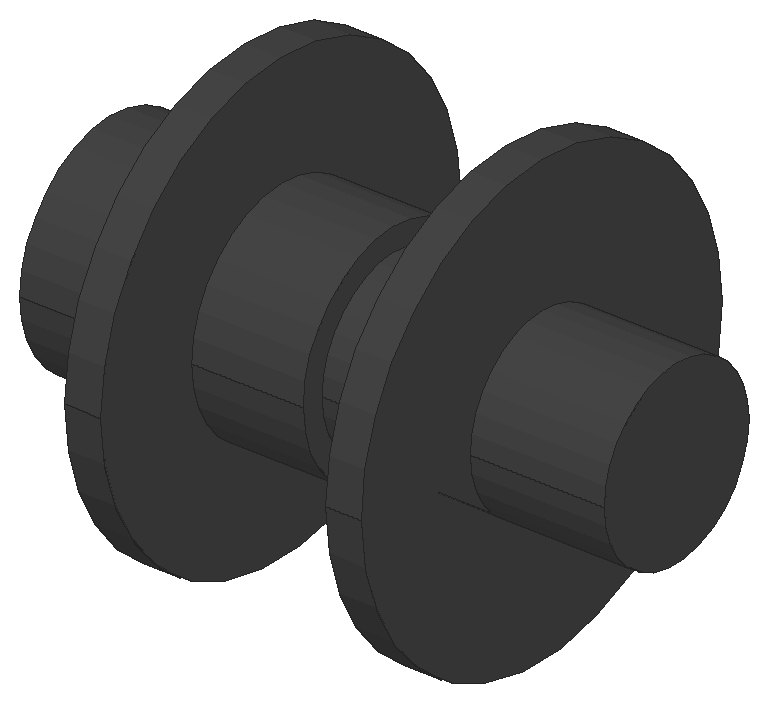
Revit family "BIMLIB_Муфта_переходная_PEX_РОСТерм", category Соединительные детали трубопроводов, Revit 2017
Family settings
  Размер круглого соединителя = Использовать диаметр
  Тип детали = Тройник
  На основе рабочей плоскости = Нет
  Всегда вертикально = Да
  При загрузке вырезать с полостями = Нет
  Общий = Нет
Parameters (values of type "BIMLIB_Муфта_переходная_РОСТерм")
  РТ_Z [instance] = size_lookup("Наименование", "РТ_Z", 100 mm, РТ_DN1, РТ_DN2)  # 25 mm
  П [instance] = РТ_D1 > РТ_D2  # yes
  Описание = "Тройник переходной."
  Л [instance] = not(П)  # no
  Изготовитель = "РОСТерм"  # constant formula
  URL = "http://rostherm.ru/"
  РТ_L [instance] = size_lookup("Наименование", "РТ_L", 200 mm, РТ_DN1, РТ_DN2)  # 63 mm
  РТ_D_основа [instance] = if(РТ_DN1_н > РТ_DN2_н, РТ_DN1_н, РТ_DN2_н)  # 25 mm
  РТ_DN2 [instance] = if(РТ_D1 < РТ_D2, РТ_D1, РТ_D2)  # 20 mm
  РТ_DN1 [instance] = if(РТ_D1 > РТ_D2, РТ_D1, РТ_D2)  # 25 mm
  РТ_DN2_н [instance] = if(РТ_D1 < РТ_D2, РТ_D1_н, РТ_D2_н)  # 20 mm
  РТ_D2 [instance] = 20 mm
  РТ_DN1_н [instance] = if(РТ_D1 > РТ_D2, РТ_D1_н, РТ_D2_н)  # 25 mm
  РТ_D1_н [instance] = РТ_DN1  # 25 mm
  РТ_D1 [instance] = 25 mm
  РТ_D2_н [instance] = РТ_DN2  # 20 mm
  BL_Разработано = "support@bimlib.ru"
  BL_Email = "rostherm@bimlib.ru"
  BL_BIM library = "https://bimlib.pro/manufacturer/rosterm/1632/"
  ADSK_Расход жидкости [instance] = 0.0 L/s
  ADSK_Примечание = ""
  ADSK_Позиция = ""
  ADSK_Обозначение [instance] = "ГОСТ 32415-2013"  # constant formula
  ADSK_Наименование краткое [instance] = size_lookup("Наименование", "", "-", РТ_DN1, РТ_DN2)  # "Муфта переходная 20х25 PPSU"
  ADSK_Наименование [instance] = size_lookup("Наименование", "", "-", РТ_DN1, РТ_DN2)  # "Муфта переходная 20х25 PPSU"
  ADSK_Материал = BIMLIB_Черный_РT
  ADSK_Масса_Текст = ""
  ADSK_Масса [instance] = 0
  ADSK_Марка = ""
  ADSK_Код изделия [instance] = size_lookup("артикул", "", "-", РТ_DN1, РТ_DN2)  # "Fcl2025"
  ADSK_Завод-изготовитель = "РОСТерм"  # constant formula
  ADSK_Единица измерения = "шт"  # constant formula
  ADSK_Версия Revit = "2017"
  ADSK_URL страницы изделия = "http://rostherm.ru/truby-i-fitingi-iz-polipropilena-pprt/"
  ADSK_URL документации изделия = "http://rostherm.ru/"
Types (4, lengths in mm): name | Описание | РТ_L | РТ_D_основа | РТ_DN2 | РТ_DN1 | РТ_DN2_н | РТ_D2 | РТ_DN1_н | РТ_D1_н | РТ_D1 | РТ_D2_н | ADSK_Наименование краткое | ADSK_Наименование | ADSK_Материал | ADSK_Масса | ADSK_Марка | ADSK_Код изделия | ADSK_URL страницы изделия
  BIMLIB_Муфта_переходная_РОСТерм | "Тройник переходной." | 63 | 25 | 20 | 25 | 20 | 20 | 25 | 25 | 25 | 20 | "Муфта переходная 20х25 PPSU" | "Муфта переходная 20х25 PPSU" | BIMLIB_Черный_РT | 0 | "" | "Fcl2025" | "http://rostherm.ru/truby-i-fitingi-iz-polipropilena-pprt/"
  Муфта переходная | "Муфта переходная" | 65 | 32 | 25 | 32 | 25 | 25 | 32 | 32 | 32 | 25 | "Муфта переходная 25х32 PPSU" | "Муфта переходная 25х32 PPSU" | BIMLIB_Белый_РТ | 0 | "M40-20" | "-" | "http://rostherm.ru/truby-i-fitingi-iz-polipropilena-pprt/"
  BIMLIB_Муфта_переходная_PEX_РОСТерм | "Тройник переходной." | 65 | 32 | 25 | 32 | 25 | 25 | 32 | 32 | 32 | 25 | "Муфта переходная 25х32 PPSU" | "Муфта переходная 25х32 PPSU" | BIMLIB_Черный_РT | 0 | "" | "-" | "http://rostherm.ru/pexb/"
  Муфта переходная PEX | "Муфта переходная" | 63 | 25 | 20 | 25 | 20 | 20 | 25 | 25 | 25 | 20 | "Муфта переходная 20х25 PPSU" | "Муфта переходная 20х25 PPSU" | BIMLIB_Черный_РT | 0.034 | "" | "Fcl2025" | "http://rostherm.ru/pexb/"
Reference planes
  plane 1 "По центру (Вперед/Назад)": y = 0
  plane 2: z = 0
  plane 3 "По центру (Влево/Вправо)": x = 0
  plane 4: x = -31.5
  plane 5: x = 31.5
  plane 6: x = 12.5
  plane 7: x = -12.5
Forms (mm)
  Extrusion 1, solid, material "BIMLIB_Черный_РT" <- "ADSK_Материал", detail levels fine
    sketch origin (0, 0, 0) x (0, 1, 0) y (0, 0, 1)
      loop
        circle (0, 0) r 12.5
    from -31.5 to 0
  Extrusion 2, solid, material "BIMLIB_Черный_РT" <- "ADSK_Материал", detail levels fine
    sketch origin (0, 0, 0) x (0, 1, 0) y (0, 0, 1)
      loop
        circle (0, 0) r 10
    from 0 to 31.5
  Extrusion 3, solid, material "BIMLIB_Черный_РT", detail levels fine
    sketch origin (0, 0, 0) x (0, 1, 0) y (0, 0, 1)
      loop
        circle (0, 0) r 25
    from 12.5 to 16.5
  Extrusion 4, solid, material "BIMLIB_Черный_РT", detail levels fine
    sketch origin (-25, 0, 0) x (0, 1, 0) y (0, 0, -1)
      loop
        circle (0, 0) r 25
    from -12.5 to -8.5
Cuts and joins
  joined: Extrusion 1, Extrusion 2
Lines and regions (mm)
  reference lines
    curve 1: line (31.5, 0, 0) -> (-31.5, 0, 0)
  model lines, visible <- "Л", detail levels coarse+medium
    curve 2: line (31.5, 21.6, 0) -> (31.5, -21.6, 0)
    curve 3: line (31.5, 21.6, 0) -> (-31.5, 0, 0)
    curve 4: line (-31.5, 0, 0) -> (31.5, -21.6, 0)
  model lines, visible <- "П", detail levels coarse+medium
    curve 5: line (-31.5, -21.6, 0) -> (-31.5, 21.6, 0)
    curve 6: line (-31.5, 21.6, 0) -> (31.5, 0, 0)
    curve 7: line (31.5, 0, 0) -> (-31.5, -21.6, 0)
Dimensions and locks
  equal spacing: plane 4, plane 3 "По центру (Влево/Вправо)", plane 5
  "РТ_L": plane 4 to plane 5
  equal spacing: plane 7, plane 3 "По центру (Влево/Вправо)", plane 6
  "РТ_Z": plane 7 to plane 6
  locked: plane 6 to Extrusion 3 at 4
  locked: plane 7 to Extrusion 4 at 4  (x2)
  "РТ_DN1_н": diameter of Extrusion 1 sketch curve
  "РТ_DN2_н": diameter of Extrusion 2 sketch curve
  "РТ_D1_н": radius of Extrusion 3 sketch curve
  "РТ_D1_н": radius of Extrusion 4 sketch curve
  aligned and locked: level to plane 2
  aligned and locked: plane 4 to curve 1
  aligned and locked: plane 5 to curve 1
  aligned and locked: plane 1 "По центру (Вперед/Назад)" to curve 1
  aligned and locked: plane 5 to Extrusion 2
  aligned and locked: Extrusion 1 to plane 4
  aligned and locked: plane 3 "По центру (Влево/Вправо)" to cut or joined group of Extrusion 1, Extrusion 2
  aligned and locked: cut or joined group of Extrusion 1, Extrusion 2 to plane 3 "По центру (Влево/Вправо)"
  aligned and locked: Extrusion 3 to plane 6
  aligned and locked: plane 7 to Extrusion 4
Automatic sketch dimensions
  curve 5 to plane 4 = 0 mm
  curve 3 to plane 5 = 0 mm
  plane 1 "По центру (Вперед/Назад)" to curve 3 = 0 mm
  plane 1 "По центру (Вперед/Назад)" to curve 7 = 0 mm
  curve 4 to curve 6 = 21.6 mm
  curve 7 to curve 3 = 21.6 mm
  curve 6 to plane 1 "По центру (Вперед/Назад)" = 21.6 mm
  curve 2 to plane 1 "По центру (Вперед/Назад)" = 21.6 mm
  Extrusion 1 sketch curve to level = 0 mm
  Extrusion 1 sketch curve to plane 1 "По центру (Вперед/Назад)" = 0 mm
  Extrusion 2 sketch curve to level = 0 mm
  Extrusion 2 sketch curve to plane 1 "По центру (Вперед/Назад)" = 0 mm
  Extrusion 3 sketch curve to level = 0 mm
  Extrusion 3 sketch curve to plane 1 "По центру (Вперед/Назад)" = 0 mm
  Extrusion 4 sketch curve to level = 0 mm
  Extrusion 4 sketch curve to plane 1 "По центру (Вперед/Назад)" = 0 mm
Connectors
  piping at (31.5, 0, 0), diameter 20, driven by "РТ_D2", driven by "ADSK_Расход жидкости"
    settings: on curve 1, index 1, connector inside diameter 609.6 mm, connector length 0 mm, flow factor 0, pipe flow 0.0 L/s, pressure drop 0.0 Pa, fitting loss kfactor 0, connector angle 0.00°, fixture units 0, engagement length 0 mm, angle of deflection 0.00°, flow configuration 0, flow direction 0, fitting loss method 4, system type 28, joint type 0, gender type 0, connector reference index 2, connector utility 0, adjustable connector yes, is connector primary yes, connector description ""
  piping at (-31.5, 0, 0), diameter 25, driven by "РТ_D1", driven by "ADSK_Расход жидкости"
    settings: on curve 1, index 2, connector inside diameter 609.6 mm, connector length 0 mm, flow factor 0, pipe flow 0.0 L/s, pressure drop 0.0 Pa, fitting loss kfactor 0, connector angle 0.00°, fixture units 0, engagement length 0 mm, angle of deflection 0.00°, flow configuration 0, flow direction 0, fitting loss method 4, system type 28, joint type 0, gender type 0, connector reference index 1, connector utility 0, adjustable connector yes, is connector primary no, connector description ""
